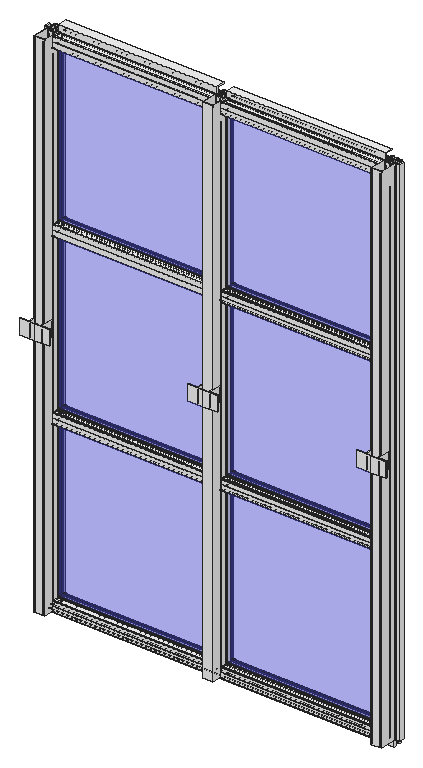
Revit family "Facade_60_Curtain_Wall_I23_Custom", category Windows, host Wall, Revit 2014 (continued)
Definition of nested family "F60_Single_Glazing_I23_Cust"
  Parameters (values of type "F60_Single_Glazing")
    Glazing Width [instance] = 900 mm
    Glazing Height [instance] = 900 mm
    SG Thickness [instance] = 4 mm
    Glazing Finish [instance] = Glass
  Reference planes
    plane 1 "Center (Front/Back)": y = 0
    plane 2: z = 0
    plane 3 "Center (Left/Right)": x = 0
  Forms (mm)
    Extrusion 1, solid, material "Glass" <- "Glazing Finish"
      sketch origin (0, 0, 0) x (1, 0, 0) y (0, 0, 1)
        loop
          line (0, 0) -> (0, 900) -> (-900, 900) -> (-900, 0) -> (0, 0)
      from 0 to 4 <- "SG Thickness"
  Dimensions and locks
    "Glazing Width": plane 3 "Center (Left/Right)" to Extrusion 1 sketch curve
    "Glazing Height": Extrusion 1 sketch curve to level
    aligned and locked: level to plane 2
    aligned and locked: Extrusion 1 sketch curve to plane 3 "Center (Left/Right)"
    aligned and locked: level to Extrusion 1 sketch curve
Definition of nested family "F60_Double_Glazing_I23_Cust"
  Parameters (values of type "F60_Double_Glazing")
    Glazing Width [instance] = 600 mm
    Glazing Height [instance] = 600 mm
    Glazing Thickness DG [instance] = 4 mm
    Glazing Material [instance] = Glass
    Double Glazing Gasket Thickness [instance] = 12 mm
    Double Glazing Gasket Material [instance] = none
  Reference planes
    plane 1 "Center (Front/Back)": y = 0
    plane 2: z = 0
    plane 3 "Center (Left/Right)": x = 0
  Forms (mm)
    Extrusion 1, solid, material "Glass" <- "Glazing Material"
      sketch origin (0, 0, 0) x (1, 0, 0) y (0, 0, 1)
        loop
          line (0, 0) -> (0, 600) -> (-600, 600) -> (-600, 0) -> (0, 0)
      from 0 to 4 <- "Glazing Thickness DG"
    Extrusion 2, solid, material <- "Double Glazing Gasket Material"
      sketch origin (0, -4, 0) x (1, 0, 0) y (0, 0, 1)
        loop
          line (-600, 600) -> (-600, 0) -> (0, 0) -> (0, 600) -> (-600, 600)
        loop
          line (-592, 8) -> (-8, 8) -> (-8, 592) -> (-592, 592) -> (-592, 8)
      from 0 to 12 <- "Double Glazing Gasket Thickness"
    Extrusion 3, solid, material "Glass" <- "Glazing Material"
      sketch origin (0, -16, 0) x (1, 0, 0) y (0, 0, 1)
        loop
          line (-600, 600) -> (-600, 0) -> (0, 0) -> (0, 600) -> (-600, 600)
      from 0 to 4 <- "Glazing Thickness DG"
  Dimensions and locks
    "Glazing Width": plane 3 "Center (Left/Right)" to Extrusion 1 sketch curve
    "Glazing Height": Extrusion 1 sketch curve to level
    aligned and locked: level to plane 2
    aligned and locked: Extrusion 1 sketch curve to plane 3 "Center (Left/Right)"
    aligned and locked: level to Extrusion 1 sketch curve
    aligned and locked: Extrusion 2 sketch curve to Extrusion 1  (x4)
    aligned and locked: Extrusion 3 sketch curve to Extrusion 2  (x4)
  Automatic sketch dimensions
    Extrusion 2 sketch curve to Extrusion 1 = 8 mm  (x4)
Definition of nested family "F60 Vertical Profile Middle_I23_Cust"
  Parameters (values of type "F60 Vertical Profile Middle")
    Quarter SG Expansion Break [instance] = if(and(Quarter Expansion Break, Single Glazing), 1 = 1, 1 = 0)  # yes
    Quarter Length [instance] = Length / 4  # 62.5 mm
    Thermal Break Material [instance] = none
    Single Glazing [instance] = yes
    Quarter Expansion Break [instance] = yes
    Quarter DG Expansion Break [instance] = if(and(Quarter Expansion Break, Double Glazing), 1 = 1, 1 = 0)  # yes
    Quarter 190mm Expansion Break [instance] = if(and(Quarter Expansion Break, [190mm Mullion]), 1 = 1, 1 = 0)  # yes
    Quarter 160mm Expansion Break [instance] = if(and(Quarter Expansion Break, [160mm Mullion]), 1 = 1, 1 = 0)  # yes
    Quarter 100mm Expansion Break [instance] = if(and(Quarter Expansion Break, [100mm Mullion]), 1 = 1, 1 = 0)  # yes
    Profile Material [instance] = none
    Length [instance] = 250 mm
    Half SG Expansion Break [instance] = if(and(Half Expansion Break, Single Glazing), 1 = 1, 1 = 0)  # yes
    Half Length [instance] = Length / 2  # 125 mm
    Half Expansion Break [instance] = yes
    Half DG Expansion Break [instance] = if(and(Half Expansion Break, Double Glazing), 1 = 1, 1 = 0)  # yes
    Half 190mm Expansion Joint [instance] = if(and(Half Expansion Break, [190mm Mullion]), 1 = 1, 1 = 0)  # yes
    Half 160mm Expansion Break [instance] = if(and(Half Expansion Break, [160mm Mullion]), 1 = 1, 1 = 0)  # yes
    Half 100mm Expansion Break [instance] = if(and(Half Expansion Break, [100mm Mullion]), 1 = 1, 1 = 0)  # yes
    Double Glazing [instance] = yes
    190mm Mullion [instance] = yes
    160mm Mullion [instance] = yes
    100mm Mullion [instance] = yes
  Reference planes
    plane 1 "Center (Front/Back)": y = 0
    plane 2: z = 0
    plane 3 "Center (Left/Right)": x = 0
  Forms (mm)
    Extrusion 1, solid, material <- "Profile Material"
      sketch origin (0, 0, 0) x (1, 0, 0) y (0, 1, 0)
        loop
          arc (25.249, -8.7) -> (25.484, -9.266) -> (26.049, -9.5) r 0.8
          line (26.049, -9.5) -> (27.1, -9.5) -> (27.1, 7) -> (32.902, 7) -> (32.902, -9.5) -> (33.951, -9.5)
          arc (33.951, -9.5) -> (34.516, -9.266) -> (34.751, -8.7) r 0.8
          line (34.751, -8.7) -> (34.751, 6.2)
          arc (34.751, 6.2) -> (34.985, 6.766) -> (35.551, 7) r 0.8
          line (35.551, 7) -> (52.1, 7) -> (52.1, 5.4) -> (50.55, 5.4) -> (50.55, 4.55)
          arc (50.55, 4.55) -> (50.726, 4.126) -> (51.15, 3.95) r 0.6
          line (51.15, 3.95) -> (52.1, 3.95) -> (52.1, 1)
          arc (52.1, 1) -> (51.6, 0.5) -> (52.1, 0) r 0.5
          line (52.1, 0) -> (54.45, 0) -> (54.45, 1.15) -> (53.3, 1.15) -> (53.3, 2.45) -> (58.8, 2.45) -> (58.8, 1.15) -> (57.65, 1.15) -> (57.65, 0) -> (59.5, 0)
          arc (59.5, 0) -> (59.854, 0.146) -> (60, 0.5) r 0.5
          line (60, 0.5) -> (60, 3.9) -> (53.55, 3.9) -> (53.55, 7.6)
          arc (53.55, 7.6) -> (53.316, 8.166) -> (52.75, 8.4) r 0.8
          line (52.75, 8.4) -> (30, 8.4) -> (7.25, 8.4)
          arc (7.25, 8.4) -> (6.684, 8.166) -> (6.45, 7.6) r 0.8
          line (6.45, 7.6) -> (6.45, 3.9) -> (0, 3.9) -> (0, 0.5)
          arc (0, 0.5) -> (0.146, 0.146) -> (0.5, 0) r 0.5
          line (0.5, 0) -> (2.35, 0) -> (2.35, 1.15) -> (1.2, 1.15) -> (1.2, 2.45) -> (6.7, 2.45) -> (6.7, 1.15) -> (5.55, 1.15) -> (5.55, 0) -> (7.9, 0)
          arc (7.9, 0) -> (8.4, 0.5) -> (7.9, 1) r 0.5
          line (7.9, 1) -> (7.9, 3.95) -> (8.85, 3.95)
          arc (8.85, 3.95) -> (9.274, 4.126) -> (9.45, 4.55) r 0.6
          line (9.45, 4.55) -> (9.45, 5.4) -> (7.9, 5.4) -> (7.9, 7) -> (24.449, 7)
          arc (24.449, 7) -> (25.015, 6.766) -> (25.249, 6.2) r 0.8
          line (25.249, 6.2) -> (25.249, -8.7)
      from 0 to 250 <- "Length"
    Extrusion 2, solid, material <- "Thermal Break Material"
      sketch origin (0, 0, 0) x (1, 0, 0) y (0, 1, 0)
        loop
          line (1.75, 9.8) -> (1.75, 5.2) -> (0, 5.2) -> (0, 3.9) -> (6.35, 3.9) -> (6.35, 7.856)
          arc (6.35, 7.856) -> (6.526, 8.281) -> (6.95, 8.456) r 0.6
          line (6.95, 8.456) -> (30, 8.456) -> (53.05, 8.456)
          arc (53.05, 8.456) -> (53.474, 8.281) -> (53.65, 7.856) r 0.6
          line (53.65, 7.856) -> (53.65, 3.9) -> (60, 3.9) -> (60, 5.2) -> (58.25, 5.2) -> (58.25, 9.8) -> (30, 9.8) -> (1.75, 9.8)
      from 0 to 250 <- "Length"
    Extrusion 3, solid, material <- "Thermal Break Material", visible <- "Single Glazing"
      sketch origin (0, 0, 0) x (1, 0, 0) y (0, 1, 0)
        loop
          line (25.749, -14.011) -> (27.672, -14.011) -> (28.481, -12.611) -> (31.518, -12.611) -> (32.327, -14.011) -> (34.249, -14.011)
          arc (34.249, -14.011) -> (34.603, -13.864) -> (34.749, -13.511) r 0.5
          line (34.749, -13.511) -> (34.749, -10.011)
          arc (34.749, -10.011) -> (34.603, -9.657) -> (34.249, -9.511) r 0.5
          line (34.249, -9.511) -> (32.352, -9.511) -> (32.352, 0.19) -> (31.349, 2.261)
          arc (31.349, 2.261) -> (29.999, 2.986) -> (28.649, 2.261) r 1.62
          line (28.649, 2.261) -> (27.647, 0.19) -> (27.647, -9.511) -> (25.749, -9.511)
          arc (25.749, -9.511) -> (25.396, -9.657) -> (25.249, -10.011) r 0.5
          line (25.249, -10.011) -> (25.249, -13.511)
          arc (25.249, -13.511) -> (25.396, -13.864) -> (25.749, -14.011) r 0.5
        loop
          line (28.504, -10.005) -> (28.504, -10.861)
          arc (28.504, -10.861) -> (28.651, -11.214) -> (29.004, -11.361) r 0.5
          line (29.004, -11.361) -> (30.994, -11.361)
          arc (30.994, -11.361) -> (31.348, -11.214) -> (31.494, -10.861) r 0.5
          line (31.494, -10.861) -> (31.494, -10.005) -> (30.708, -9.219)
          arc (30.708, -9.219) -> (30.383, -9.001) -> (29.999, -8.924) r 1.007
          arc (29.999, -8.924) -> (29.616, -8.999) -> (29.292, -9.217) r 0.986
          line (29.292, -9.217) -> (28.504, -10.005)
        loop
          arc (30.896, 1.935) -> (29.887, 2.44) -> (29.005, 1.735) r 1.047
          line (29.005, 1.735) -> (28.347, 0.374) -> (28.347, -6.993)
          arc (28.347, -6.993) -> (28.583, -7.417) -> (29.068, -7.441) r 0.5
          arc (29.068, -7.441) -> (29.999, -7.223) -> (30.93, -7.441) r 2.099
          arc (30.93, -7.441) -> (31.416, -7.417) -> (31.652, -6.993) r 0.5
          line (31.652, -6.993) -> (31.652, 0.374) -> (30.896, 1.935)
      from 0 to 250 <- "Length"
    Extrusion 4, solid, material <- "Profile Material", visible <- "Single Glazing"
      sketch origin (0, 0, 0) x (1, 0, 0) y (0, 1, 0)
        loop
          line (52.693, -14.011) -> (32.327, -14.011) -> (31.519, -12.611) -> (28.481, -12.611) -> (27.673, -14.011) -> (7.307, -14.011) -> (7.307, -15.011) -> (8.457, -15.011) -> (8.457, -16.261) -> (2.957, -16.261) -> (2.957, -15.011) -> (4.107, -15.011) -> (4.107, -14.011) -> (1.707, -14.011)
          arc (1.707, -14.011) -> (1.199, -14.293) -> (1.168, -14.873) r 0.6
          line (1.168, -14.873) -> (2.093, -16.772) -> (1.015, -17.298) -> (1.484, -18.261) -> (11.488, -18.261)
          arc (11.488, -18.261) -> (11.913, -18.085) -> (12.088, -17.661) r 0.6
          line (12.088, -17.661) -> (12.088, -16.811) -> (47.912, -16.811) -> (47.912, -17.661)
          arc (47.912, -17.661) -> (48.088, -18.085) -> (48.512, -18.261) r 0.6
          line (48.512, -18.261) -> (58.518, -18.261) -> (58.987, -17.298) -> (57.908, -16.772) -> (58.834, -14.874)
          arc (58.834, -14.874) -> (58.802, -14.293) -> (58.293, -14.011) r 0.6
          line (58.293, -14.011) -> (55.893, -14.011) -> (55.893, -15.011) -> (57.043, -15.011) -> (57.043, -16.261) -> (51.543, -16.261) -> (51.543, -15.011) -> (52.693, -15.011) -> (52.693, -14.011)
      from 0 to 250 <- "Length"
    Extrusion 5, solid, material <- "Profile Material", visible <- "Single Glazing"
      sketch origin (0, 0, 0) x (1, 0, 0) y (0, 1, 0)
        loop
          line (2.801, -18.261) -> (1.484, -18.261) -> (1.015, -17.298) -> (2.093, -16.772) -> (0.779, -14.076)
          arc (0.779, -14.076) -> (0.239, -14.21) -> (0.001, -14.713) r 0.65
          line (0.001, -14.713) -> (0.001, -28.068)
          arc (0.001, -28.068) -> (1.172, -30.897) -> (4.001, -32.068) r 4
          line (4.001, -32.068) -> (30.001, -32.068) -> (56.001, -32.068)
          arc (56.001, -32.068) -> (58.829, -30.897) -> (60.001, -28.068) r 4
          line (60.001, -28.068) -> (60.001, -14.713)
          arc (60.001, -14.713) -> (59.763, -14.21) -> (59.223, -14.076) r 0.65
          line (59.223, -14.076) -> (57.908, -16.772) -> (58.987, -17.298) -> (58.518, -18.261) -> (57.201, -18.261)
          arc (57.201, -18.261) -> (56.83, -18.425) -> (56.703, -18.811) r 0.5
          arc (56.703, -18.811) -> (56.83, -19.196) -> (57.201, -19.361) r 0.5
          line (57.201, -19.361) -> (58.951, -19.361) -> (58.951, -27.968)
          arc (58.951, -27.968) -> (58.131, -29.948) -> (56.151, -30.768) r 2.8
          line (56.151, -30.768) -> (30.001, -30.768) -> (3.851, -30.768)
          arc (3.851, -30.768) -> (1.871, -29.948) -> (1.051, -27.968) r 2.8
          line (1.051, -27.968) -> (1.051, -19.361) -> (2.801, -19.361)
          arc (2.801, -19.361) -> (3.172, -19.196) -> (3.298, -18.811) r 0.5
          arc (3.298, -18.811) -> (3.172, -18.425) -> (2.801, -18.261) r 0.5
      from 0 to 250 <- "Length"
    Extrusion 6, solid, material <- "Profile Material", visible <- "100mm Mullion"
      sketch origin (0, 0, 0) x (1, 0, 0) y (0, 1, 0)
        loop
          line (14.02, 13) -> (45.98, 13)
          arc (45.98, 13) -> (46.539, 12.842) -> (46.917, 12.4) r 1
          arc (46.917, 12.4) -> (47.285, 11.963) -> (47.833, 11.8) r 1
          line (47.833, 11.8) -> (58.15, 11.8) -> (58.15, 96.3) -> (47.833, 96.3)
          arc (47.833, 96.3) -> (47.285, 96.137) -> (46.917, 95.7) r 1
          arc (46.917, 95.7) -> (46.548, 95.263) -> (46, 95.1) r 1
          line (46, 95.1) -> (14, 95.1)
          arc (14, 95.1) -> (13.452, 95.263) -> (13.083, 95.7) r 1
          arc (13.083, 95.7) -> (12.715, 96.137) -> (12.167, 96.3) r 1
          line (12.167, 96.3) -> (1.85, 96.3) -> (1.85, 11.8) -> (12.167, 11.8)
          arc (12.167, 11.8) -> (12.715, 11.963) -> (13.083, 12.4) r 1
          arc (13.083, 12.4) -> (13.461, 12.842) -> (14.02, 13) r 1
        loop
          line (1.65, 9.856) -> (58.35, 9.856) -> (58.35, 5.2) -> (60, 5.2) -> (60, 98.8)
          arc (60, 98.8) -> (59.707, 99.507) -> (59, 99.8) r 1
          line (59, 99.8) -> (1, 99.8)
          arc (1, 99.8) -> (0.293, 99.507) -> (0, 98.8) r 1
          line (0, 98.8) -> (0, 5.2) -> (1.65, 5.2) -> (1.65, 9.856)
      from 0 to 250 <- "Length"
    Extrusion 7, solid, material <- "Profile Material", visible <- "160mm Mullion"
      sketch origin (0, 0, 0) x (1, 0, 0) y (0, 1, 0)
        loop
          arc (2.35, 15.6) -> (2.526, 15.176) -> (2.95, 15) r 0.6
          line (2.95, 15) -> (57.05, 15)
          arc (57.05, 15) -> (57.474, 15.176) -> (57.65, 15.6) r 0.6
          line (57.65, 15.6) -> (57.65, 153.7)
          arc (57.65, 153.7) -> (57.474, 154.124) -> (57.05, 154.3) r 0.6
          line (57.05, 154.3) -> (47.833, 154.3)
          arc (47.833, 154.3) -> (47.285, 154.137) -> (46.917, 153.7) r 1
          arc (46.917, 153.7) -> (46.548, 153.263) -> (46, 153.1) r 1
          line (46, 153.1) -> (14, 153.1)
          arc (14, 153.1) -> (13.452, 153.263) -> (13.083, 153.7) r 1
          arc (13.083, 153.7) -> (12.715, 154.137) -> (12.167, 154.3) r 1
          line (12.167, 154.3) -> (2.95, 154.3)
          arc (2.95, 154.3) -> (2.526, 154.124) -> (2.35, 153.7) r 0.6
          line (2.35, 153.7) -> (2.35, 15.6)
        loop
          arc (1, 159.8) -> (0.293, 159.507) -> (0, 158.8) r 1
          line (0, 158.8) -> (0, 5.2) -> (1.65, 5.2) -> (1.65, 10.013) -> (58.35, 10.013) -> (58.35, 5.2) -> (60, 5.2) -> (60, 158.8)
          arc (60, 158.8) -> (59.707, 159.507) -> (59, 159.8) r 1
          line (59, 159.8) -> (1, 159.8)
      from 0 to 250 <- "Length"
    Extrusion 8, solid, material <- "Profile Material", visible <- "190mm Mullion"
      sketch origin (0, 0, 0) x (1, 0, 0) y (0, 1, 0)
        loop
          line (57.25, 15.1) -> (57.25, 178.3)
          arc (57.25, 178.3) -> (56.957, 179.007) -> (56.25, 179.3) r 1
          line (56.25, 179.3) -> (3.75, 179.3)
          arc (3.75, 179.3) -> (3.043, 179.007) -> (2.75, 178.3) r 1
          line (2.75, 178.3) -> (2.75, 15.1)
          arc (2.75, 15.1) -> (2.984, 14.534) -> (3.55, 14.3) r 0.8
          line (3.55, 14.3) -> (56.45, 14.3)
          arc (56.45, 14.3) -> (57.016, 14.534) -> (57.25, 15.1) r 0.8
        loop
          line (60, 5.2) -> (60, 188.8)
          arc (60, 188.8) -> (59.707, 189.507) -> (59, 189.8) r 1
          line (59, 189.8) -> (1, 189.8)
          arc (1, 189.8) -> (0.293, 189.507) -> (0, 188.8) r 1
          line (0, 188.8) -> (0, 5.2) -> (1.65, 5.2) -> (1.65, 9.856) -> (58.35, 9.856) -> (58.35, 5.2) -> (60, 5.2)
      from 0 to 250 <- "Length"
    Extrusion 9, solid, material <- "Thermal Break Material", visible <- "Double Glazing"
      sketch origin (0, 0, 0) x (1, 0, 0) y (0, 1, 0)
        loop
          line (27.672, -28) -> (28.48, -26.6) -> (31.518, -26.6) -> (32.326, -28) -> (34.249, -28)
          arc (34.249, -28) -> (34.603, -27.854) -> (34.749, -27.5) r 0.5
          line (34.749, -27.5) -> (34.749, -10)
          arc (34.749, -10) -> (34.603, -9.646) -> (34.249, -9.5) r 0.5
          line (34.249, -9.5) -> (32.352, -9.5) -> (32.352, 0.198) -> (31.348, 2.272)
          arc (31.348, 2.272) -> (29.998, 2.997) -> (28.648, 2.272) r 1.62
          line (28.648, 2.272) -> (27.645, 0.201) -> (27.645, -9.5) -> (25.749, -9.5)
          arc (25.749, -9.5) -> (25.396, -9.646) -> (25.249, -10) r 0.5
          line (25.249, -10) -> (25.249, -27.5)
          arc (25.249, -27.5) -> (25.396, -27.854) -> (25.749, -28) r 0.5
          line (25.749, -28) -> (27.672, -28)
        loop
          arc (30.706, -9.206) -> (30.382, -8.99) -> (29.999, -8.913) r 1.007
          arc (29.999, -8.913) -> (29.616, -8.988) -> (29.292, -9.206) r 0.986
          line (29.292, -9.206) -> (27.142, -11.356)
          arc (27.142, -11.356) -> (26.926, -11.68) -> (26.849, -12.063) r 1
          line (26.849, -12.063) -> (26.849, -24)
          arc (26.849, -24) -> (27.142, -24.707) -> (27.849, -25) r 1
          line (27.849, -25) -> (32.149, -25)
          arc (32.149, -25) -> (32.856, -24.707) -> (33.149, -24) r 1
          line (33.149, -24) -> (33.149, -12.063)
          arc (33.149, -12.063) -> (33.073, -11.68) -> (32.856, -11.356) r 1
          line (32.856, -11.356) -> (30.706, -9.206)
        loop
          arc (28.345, -6.982) -> (28.581, -7.407) -> (29.067, -7.43) r 0.5
          arc (29.067, -7.43) -> (29.998, -7.213) -> (30.929, -7.43) r 2.099
          arc (30.929, -7.43) -> (31.414, -7.407) -> (31.651, -6.982) r 0.5
          line (31.651, -6.982) -> (31.651, 0.385) -> (30.895, 1.946)
          arc (30.895, 1.946) -> (29.885, 2.45) -> (29.004, 1.745) r 1.047
          line (29.004, 1.745) -> (28.345, 0.385) -> (28.345, -6.982)
      from 0 to 250 <- "Length"
    Extrusion 10, solid, material <- "Profile Material", visible <- "Double Glazing"
      sketch origin (0, 0, 0) x (1, 0, 0) y (0, 1, 0)
        loop
          line (52.692, -28) -> (32.327, -28) -> (31.518, -26.6) -> (28.48, -26.6) -> (27.672, -28) -> (7.306, -28) -> (7.306, -29) -> (8.456, -29) -> (8.456, -30.25) -> (2.956, -30.25) -> (2.956, -29) -> (4.106, -29) -> (4.106, -28) -> (1.706, -28)
          arc (1.706, -28) -> (1.198, -28.282) -> (1.167, -28.863) r 0.6
          line (1.167, -28.863) -> (2.093, -30.762) -> (1.014, -31.288) -> (1.483, -32.25) -> (11.488, -32.25)
          arc (11.488, -32.25) -> (11.912, -32.074) -> (12.088, -31.65) r 0.6
          line (12.088, -31.65) -> (12.088, -30.8) -> (47.911, -30.8) -> (47.911, -31.65)
          arc (47.911, -31.65) -> (48.087, -32.074) -> (48.511, -32.25) r 0.6
          line (48.511, -32.25) -> (58.517, -32.25) -> (58.986, -31.288) -> (57.907, -30.762) -> (58.833, -28.864)
          arc (58.833, -28.864) -> (58.801, -28.282) -> (58.292, -28) r 0.6
          line (58.292, -28) -> (55.892, -28) -> (55.892, -29) -> (57.042, -29) -> (57.042, -30.25) -> (51.542, -30.25) -> (51.542, -29) -> (52.692, -29) -> (52.692, -28)
      from 0 to 250 <- "Length"
    Extrusion 11, solid, material <- "Profile Material", visible <- "Double Glazing"
      sketch origin (0, 0, 0) x (1, 0, 0) y (0, 1, 0)
        loop
          line (2.8, -32.25) -> (1.483, -32.25) -> (1.014, -31.288) -> (2.093, -30.762) -> (0.778, -28.065)
          arc (0.778, -28.065) -> (0.238, -28.2) -> (0, -28.702) r 0.65
          line (0, -28.702) -> (0, -42.058)
          arc (0, -42.058) -> (1.172, -44.886) -> (4, -46.058) r 4
          line (4, -46.058) -> (30, -46.058) -> (56, -46.058)
          arc (56, -46.058) -> (58.828, -44.886) -> (60, -42.058) r 4
          line (60, -42.058) -> (60, -28.702)
          arc (60, -28.702) -> (59.762, -28.2) -> (59.222, -28.065) r 0.65
          line (59.222, -28.065) -> (57.907, -30.762) -> (58.986, -31.288) -> (58.517, -32.25) -> (57.2, -32.25)
          arc (57.2, -32.25) -> (56.829, -32.415) -> (56.703, -32.8) r 0.5
          arc (56.703, -32.8) -> (56.829, -33.185) -> (57.2, -33.35) r 0.5
          line (57.2, -33.35) -> (58.95, -33.35) -> (58.95, -41.958)
          arc (58.95, -41.958) -> (58.13, -43.938) -> (56.15, -44.758) r 2.8
          line (56.15, -44.758) -> (30, -44.758) -> (3.85, -44.758)
          arc (3.85, -44.758) -> (1.87, -43.938) -> (1.05, -41.958) r 2.8
          line (1.05, -41.958) -> (1.05, -33.35) -> (2.8, -33.35)
          arc (2.8, -33.35) -> (3.171, -33.185) -> (3.297, -32.8) r 0.5
          arc (3.297, -32.8) -> (3.171, -32.415) -> (2.8, -32.25) r 0.5
      from 0 to 250 <- "Length"
    Extrusion 12, solid, material <- "Profile Material", visible <- "Double Glazing"
      sketch origin (0, 0, 0) x (1, 0, 0) y (0, 1, 0)
        loop
          line (12, -7.775) -> (0, -7.775) -> (0, -25.775) -> (12, -25.775) -> (12, -7.775)
        loop
          line (10.8, -8.975) -> (1.2, -8.975) -> (1.2, -24.575) -> (10.8, -24.575) -> (10.8, -8.975)
      from 0 to 250 <- "Length"
  Lines and regions (mm)
    model lines, style "GenericModelHiddenLines", visible <- "Half 100mm Expansion Break"
      curve 1: line (60, 5.2, 125) -> (60, 95.2, 125)
      curve 2: line (60, 99.8, 125) -> (0, 99.8, 125)
      curve 8: line (0, 5.2, 125) -> (0, 95.2, 125)
    model lines, style "GenericModelHiddenLines", visible <- "Quarter 100mm Expansion Break"
      curve 3: line (60, 5.2, 187.5) -> (60, 95.2, 187.5)
      curve 4: line (60, 5.2, 62.5) -> (60, 95.2, 62.5)
      curve 5: line (60, 99.8, 62.5) -> (0, 99.8, 62.5)
      curve 6: line (60, 99.8, 187.5) -> (0, 99.8, 187.5)
      curve 7: line (0, 5.2, 187.5) -> (0, 95.2, 187.5)
      curve 9: line (0, 5.2, 62.5) -> (0, 95.2, 62.5)
    model lines, style "GenericModelHiddenLines", visible <- "Half SG Expansion Break"
      curve 10: line (4.107, -32.068, 125) -> (55.893, -32.068, 125)
      curve 14: line (60.001, -14.011, 125) -> (60.001, -32.068, 125)
    model lines, style "GenericModelHiddenLines", visible <- "Quarter SG Expansion Break"
      curve 11: line (4.107, -32.068, 187.5) -> (56.703, -32.068, 187.5)
      curve 12: line (4.107, -32.068, 62.5) -> (56.703, -32.068, 62.5)
      curve 13: line (60.001, -14.011, 187.5) -> (60.001, -32.068, 187.5)
      curve 15: line (60.001, -14.011, 62.5) -> (60.001, -32.068, 62.5)
    model lines, style "GenericModelHiddenLines", visible <- "Quarter 160mm Expansion Break"
      curve 16: line (0, 5.2, 187.5) -> (0, 155.2, 187.5)
      curve 18: line (0, 5.2, 62.5) -> (0, 155.2, 62.5)
      curve 19: line (0, 159.8, 187.5) -> (60, 159.8, 187.5)
      curve 21: line (0, 159.8, 62.5) -> (60, 159.8, 62.5)
      curve 22: line (60, 5.2, 187.5) -> (60, 155.2, 187.5)
      curve 24: line (60, 5.2, 62.5) -> (60, 155.2, 62.5)
    model lines, style "GenericModelHiddenLines", visible <- "Half 160mm Expansion Break"
      curve 17: line (0, 5.2, 125) -> (0, 155.2, 125)
      curve 20: line (0, 159.8, 125) -> (60, 159.8, 125)
      curve 23: line (60, 5.2, 125) -> (60, 155.2, 125)
    model lines, style "GenericModelHiddenLines", visible <- "Quarter 190mm Expansion Break"
      curve 25: line (0, 5.2, 187.5) -> (0, 185.2, 187.5)
      curve 27: line (0, 5.2, 62.5) -> (0, 185.2, 62.5)
      curve 28: line (0.779, 189.8, 187.5) -> (59.222, 189.8, 187.5)
      curve 30: line (0.779, 189.8, 62.5) -> (59.222, 189.8, 62.5)
      curve 31: line (60, 5.2, 187.5) -> (60, 185.2, 187.5)
      curve 33: line (60, 5.2, 62.5) -> (60, 185.2, 62.5)
    model lines, style "GenericModelHiddenLines", visible <- "Half 190mm Expansion Joint"
      curve 26: line (0, 5.2, 125) -> (0, 185.2, 125)
      curve 29: line (0.779, 189.8, 125) -> (59.222, 189.8, 125)
      curve 32: line (60, 5.2, 125) -> (60, 185.2, 125)
    model lines, style "GenericModelHiddenLines", visible <- "Quarter DG Expansion Break"
      curve 34: line (60, -28.065, 187.5) -> (60, -46.074, 187.5)
      curve 36: line (60, -28.065, 62.5) -> (60, -46.027, 62.5)
      curve 37: line (59.222, -46.058, 187.5) -> (0.779, -46.058, 187.5)
      curve 39: line (59.222, -46.058, 62.5) -> (0.779, -46.058, 62.5)
    model lines, style "GenericModelHiddenLines", visible <- "Half DG Expansion Break"
      curve 35: line (60, -28.065, 125) -> (60, -46.074, 125)
      curve 38: line (59.222, -46.058, 125) -> (0.779, -46.058, 125)
  Dimensions and locks
    "Half Length": curve 1 to level
    "Half Length": level to curve 2
    "Quarter Length": curve 4 to level
    "Quarter Length": Extrusion 8 to curve 3
    "Quarter Length": level to curve 5
    "Quarter Length": curve 6 to Extrusion 6
    "Quarter Length": curve 9 to level
    "Half Length": curve 8 to level
    "Quarter Length": Extrusion 8 to curve 7
    "Quarter Length": curve 12 to level
    "Half Length": curve 10 to level
    "Quarter Length": Extrusion 5 to curve 11
    "Quarter Length": curve 15 to level
    "Half Length": curve 14 to level
    "Quarter Length": Extrusion 5 to curve 13
    "Quarter Length": Extrusion 7 to curve 18
    "Half Length": Extrusion 7 to curve 17
    "Quarter Length": Extrusion 7 to curve 16
    "Quarter Length": Extrusion 7 to curve 21
    "Quarter Length": curve 19 to Extrusion 7
    "Half Length": Extrusion 7 to curve 20
    "Quarter Length": Extrusion 7 to curve 24
    "Quarter Length": Extrusion 7 to curve 22
    "Half Length": Extrusion 7 to curve 23
    "Quarter Length": Extrusion 8 to curve 27
    "Quarter Length": Extrusion 8 to curve 25
    "Half Length": Extrusion 8 to curve 26
    "Quarter Length": Extrusion 8 to curve 30
    "Quarter Length": curve 28 to Extrusion 8
    "Half Length": Extrusion 8 to curve 29
    "Quarter Length": Extrusion 8 to curve 33
    "Quarter Length": Extrusion 8 to curve 31
    "Half Length": Extrusion 8 to curve 32
    "Quarter Length": Extrusion 11 to curve 36
    "Quarter Length": Extrusion 11 to curve 34
    "Half Length": Extrusion 11 to curve 35
    "Quarter Length": Extrusion 11 to curve 37
    "Quarter Length": curve 39 to Extrusion 11
    "Half Length": curve 38 to Extrusion 11
    aligned and locked: level to plane 2
  Automatic sketch dimensions
    Extrusion 1 sketch curve to plane 3 "Center (Left/Right)" = 0 mm
    plane 1 "Center (Front/Back)" to Extrusion 1 sketch curve = 0 mm  (x4)
    plane 3 "Center (Left/Right)" to Extrusion 1 sketch curve = 0.5 mm
    Extrusion 1 sketch curve to Extrusion 1 sketch curve = 0.7 mm  (x2)
    Extrusion 1 sketch curve to Extrusion 1 sketch curve = 1.15 mm  (x4)
    Extrusion 1 sketch curve to Extrusion 1 sketch curve = 3.2 mm  (x2)
    Extrusion 1 sketch curve to Extrusion 1 sketch curve = 0.9 mm
    Extrusion 1 sketch curve to Extrusion 1 sketch curve = 0.25 mm
    Extrusion 1 sketch curve to Extrusion 1 sketch curve = 0.8 mm  (x7)
    Extrusion 1 sketch curve to Extrusion 1 sketch curve = 1.45 mm  (x2)
    Extrusion 1 sketch curve to Extrusion 1 sketch curve = 0.65 mm  (x3)
    Extrusion 1 sketch curve to Extrusion 1 sketch curve = 0.95 mm  (x3)
    Extrusion 1 sketch curve to Extrusion 1 sketch curve = 0.6 mm  (x3)
    Extrusion 1 sketch curve to plane 1 "Center (Front/Back)" = 7 mm
    Extrusion 1 sketch curve to Extrusion 1 sketch curve = 14.999 mm  (x2)
    plane 1 "Center (Front/Back)" to Extrusion 1 sketch curve = 8.7 mm
    Extrusion 1 sketch curve to Extrusion 1 sketch curve = 1.85 mm
    Extrusion 1 sketch curve to Extrusion 1 sketch curve = 2.9 mm
    Extrusion 1 sketch curve to Extrusion 1 sketch curve = 5.802 mm
    Extrusion 1 sketch curve to Extrusion 1 sketch curve = 1.049 mm
    Extrusion 1 sketch curve to plane 1 "Center (Front/Back)" = 4.55 mm
    Extrusion 1 sketch curve to plane 1 "Center (Front/Back)" = 0.5 mm  (x3)
    Extrusion 1 sketch curve to Extrusion 1 sketch curve = 1.2 mm
    Extrusion 1 sketch curve to plane 1 "Center (Front/Back)" = 1.15 mm  (x2)
    Extrusion 1 sketch curve to Extrusion 1 sketch curve = 0 mm
    Extrusion 1 sketch curve to Extrusion 1 sketch curve = 1.3 mm  (x2)
    Extrusion 1 sketch curve to Extrusion 1 sketch curve = 0.05 mm  (x2)
    Extrusion 1 sketch curve to Extrusion 1 sketch curve = 0.85 mm  (x2)
    Extrusion 1 sketch curve to plane 1 "Center (Front/Back)" = 6.2 mm
    Extrusion 2 sketch curve to plane 3 "Center (Left/Right)" = 0 mm
    plane 3 "Center (Left/Right)" to Extrusion 2 sketch curve = 1.75 mm
    Extrusion 2 sketch curve to Extrusion 2 sketch curve = 4.6 mm  (x4)
    Extrusion 2 sketch curve to Extrusion 2 sketch curve = 0.6 mm  (x2)
    Extrusion 2 sketch curve to plane 1 "Center (Front/Back)" = 9.8 mm
    Extrusion 2 sketch curve to Extrusion 2 sketch curve = 23.05 mm  (x2)
    Extrusion 2 sketch curve to Extrusion 2 sketch curve = 0 mm
    Extrusion 2 sketch curve to plane 1 "Center (Front/Back)" = 8.456 mm
    Extrusion 2 sketch curve to Extrusion 2 sketch curve = 1.75 mm
    Extrusion 2 sketch curve to plane 1 "Center (Front/Back)" = 3.9 mm  (x2)
    plane 3 "Center (Left/Right)" to Extrusion 3 sketch curve = 25.249 mm
    Extrusion 3 sketch curve to Extrusion 3 sketch curve = 0.5 mm  (x6)
    Extrusion 3 sketch curve to plane 1 "Center (Front/Back)" = 0.19 mm  (x2)
    Extrusion 3 sketch curve to Extrusion 3 sketch curve = 1.897 mm  (x2)
    Extrusion 3 sketch curve to Extrusion 3 sketch curve = 1.922 mm  (x2)
    Extrusion 3 sketch curve to plane 1 "Center (Front/Back)" = 0.374 mm  (x2)
    Extrusion 3 sketch curve to Extrusion 3 sketch curve = 0.7 mm  (x2)
    plane 1 "Center (Front/Back)" to Extrusion 3 sketch curve = 12.611 mm
    Extrusion 3 sketch curve to Extrusion 3 sketch curve = 0.809 mm
    Extrusion 3 sketch curve to Extrusion 3 sketch curve = 0.858 mm
    Extrusion 3 sketch curve to plane 1 "Center (Front/Back)" = 2.261 mm  (x2)
    Extrusion 3 sketch curve to Extrusion 3 sketch curve = 0.303 mm
    Extrusion 3 sketch curve to plane 1 "Center (Front/Back)" = 1.735 mm
    Extrusion 3 sketch curve to Extrusion 3 sketch curve = 0.356 mm
    plane 1 "Center (Front/Back)" to Extrusion 3 sketch curve = 9.217 mm
    Extrusion 3 sketch curve to Extrusion 3 sketch curve = 0.788 mm
    Extrusion 3 sketch curve to Extrusion 3 sketch curve = 0.701 mm
    Extrusion 3 sketch curve to Extrusion 3 sketch curve = 0.003 mm
    Extrusion 3 sketch curve to Extrusion 3 sketch curve = 0.992 mm
    Extrusion 3 sketch curve to Extrusion 3 sketch curve = 0.006 mm
    Extrusion 3 sketch curve to Extrusion 3 sketch curve = 0.002 mm
    plane 1 "Center (Front/Back)" to Extrusion 3 sketch curve = 9.219 mm
    Extrusion 3 sketch curve to Extrusion 3 sketch curve = 0.709 mm
    Extrusion 3 sketch curve to plane 1 "Center (Front/Back)" = 1.935 mm
    Extrusion 3 sketch curve to Extrusion 3 sketch curve = 0.899 mm
    Extrusion 3 sketch curve to Extrusion 3 sketch curve = 0.998 mm
    Extrusion 3 sketch curve to Extrusion 3 sketch curve = 0.444 mm
    Extrusion 3 sketch curve to Extrusion 3 sketch curve = 0.524 mm
    Extrusion 3 sketch curve to Extrusion 3 sketch curve = 0.756 mm
    Extrusion 3 sketch curve to Extrusion 3 sketch curve = 0.808 mm
    Extrusion 3 sketch curve to Extrusion 3 sketch curve = 0.9 mm  (x2)
    Extrusion 3 sketch curve to Extrusion 3 sketch curve = 1.25 mm
    Extrusion 3 sketch curve to Extrusion 3 sketch curve = 0.85 mm  (x2)
    Extrusion 3 sketch curve to Extrusion 3 sketch curve = 0.856 mm  (x2)
    Extrusion 3 sketch curve to Extrusion 3 sketch curve = 0.714 mm
    Extrusion 3 sketch curve to Extrusion 3 sketch curve = 0.02 mm
    Extrusion 3 sketch curve to Extrusion 3 sketch curve = 0.399 mm
    Extrusion 3 sketch curve to Extrusion 3 sketch curve = 2.224 mm
    Extrusion 3 sketch curve to Extrusion 3 sketch curve = 0.448 mm
    Extrusion 3 sketch curve to Extrusion 3 sketch curve = 0.032 mm
    Extrusion 3 sketch curve to Extrusion 3 sketch curve = 0 mm
    plane 3 "Center (Left/Right)" to Extrusion 4 sketch curve = 1.015 mm
    Extrusion 4 sketch curve to Extrusion 4 sketch curve = 0.469 mm
    plane 3 "Center (Left/Right)" to Extrusion 4 sketch curve = 1.707 mm
    Extrusion 4 sketch curve to Extrusion 4 sketch curve = 1.079 mm
    Extrusion 4 sketch curve to Extrusion 4 sketch curve = 0.864 mm
    Extrusion 4 sketch curve to Extrusion 4 sketch curve = 1.15 mm  (x4)
    Extrusion 4 sketch curve to Extrusion 4 sketch curve = 3.2 mm  (x2)
    Extrusion 4 sketch curve to Extrusion 4 sketch curve = 3.031 mm  (x2)
    Extrusion 4 sketch curve to Extrusion 4 sketch curve = 0.6 mm  (x3)
    Extrusion 4 sketch curve to Extrusion 4 sketch curve = 15.584 mm  (x2)
    plane 1 "Center (Front/Back)" to Extrusion 4 sketch curve = 12.611 mm
    Extrusion 4 sketch curve to Extrusion 4 sketch curve = 0.808 mm  (x2)
    Extrusion 4 sketch curve to Extrusion 4 sketch curve = 3.038 mm
    plane 1 "Center (Front/Back)" to Extrusion 4 sketch curve = 14.011 mm
    plane 1 "Center (Front/Back)" to Extrusion 4 sketch curve = 16.772 mm
    Extrusion 4 sketch curve to Extrusion 4 sketch curve = 0.865 mm
    Extrusion 4 sketch curve to Extrusion 4 sketch curve = 1.25 mm  (x4)
    plane 1 "Center (Front/Back)" to Extrusion 4 sketch curve = 18.261 mm
    Extrusion 4 sketch curve to Extrusion 4 sketch curve = 0.61 mm
    plane 1 "Center (Front/Back)" to Extrusion 4 sketch curve = 17.298 mm
    Extrusion 4 sketch curve to Extrusion 4 sketch curve = 5.65 mm
    Extrusion 4 sketch curve to Extrusion 4 sketch curve = 0.962 mm
    Extrusion 4 sketch curve to Extrusion 4 sketch curve = 0.85 mm
    Extrusion 4 sketch curve to Extrusion 4 sketch curve = 0.512 mm  (x2)
    Extrusion 4 sketch curve to Extrusion 4 sketch curve = 1 mm  (x2)
    Extrusion 4 sketch curve to Extrusion 4 sketch curve = 0.4 mm  (x2)
    Extrusion 4 sketch curve to Extrusion 4 sketch curve = 1.4 mm
    Extrusion 4 sketch curve to Extrusion 4 sketch curve = 0.539 mm  (x2)
    Extrusion 4 sketch curve to Extrusion 4 sketch curve = 0 mm
    plane 1 "Center (Front/Back)" to Extrusion 4 sketch curve = 14.874 mm
    plane 3 "Center (Left/Right)" to Extrusion 5 sketch curve = 0.001 mm
    Extrusion 5 sketch curve to Extrusion 5 sketch curve = 0.65 mm  (x2)
    Extrusion 5 sketch curve to Extrusion 5 sketch curve = 0.128 mm  (x2)
    plane 3 "Center (Left/Right)" to Extrusion 5 sketch curve = 1.015 mm
    plane 3 "Center (Left/Right)" to Extrusion 5 sketch curve = 1.051 mm
    Extrusion 5 sketch curve to Extrusion 5 sketch curve = 0.469 mm  (x2)
    Extrusion 5 sketch curve to Extrusion 5 sketch curve = 1.079 mm
    Extrusion 5 sketch curve to Extrusion 5 sketch curve = 1.317 mm  (x2)
    Extrusion 5 sketch curve to Extrusion 5 sketch curve = 0 mm  (x3)
    plane 3 "Center (Left/Right)" to Extrusion 5 sketch curve = 3.851 mm
    Extrusion 5 sketch curve to Extrusion 5 sketch curve = 0.15 mm  (x2)
    Extrusion 5 sketch curve to Extrusion 5 sketch curve = 26 mm  (x2)
    Extrusion 5 sketch curve to Extrusion 5 sketch curve = 1.05 mm
    plane 1 "Center (Front/Back)" to Extrusion 5 sketch curve = 16.772 mm
    Extrusion 5 sketch curve to Extrusion 5 sketch curve = 0.707 mm
    Extrusion 5 sketch curve to Extrusion 5 sketch curve = 0.433 mm
    plane 1 "Center (Front/Back)" to Extrusion 5 sketch curve = 17.298 mm
    plane 1 "Center (Front/Back)" to Extrusion 5 sketch curve = 14.076 mm
    Extrusion 5 sketch curve to Extrusion 5 sketch curve = 0.5 mm  (x2)
    plane 1 "Center (Front/Back)" to Extrusion 5 sketch curve = 18.761 mm
    Extrusion 5 sketch curve to Extrusion 5 sketch curve = 0.1 mm  (x3)
    Extrusion 5 sketch curve to Extrusion 5 sketch curve = 1.1 mm  (x2)
    Extrusion 5 sketch curve to Extrusion 5 sketch curve = 8.608 mm
    Extrusion 5 sketch curve to Extrusion 5 sketch curve = 0.962 mm
    Extrusion 6 sketch curve to plane 3 "Center (Left/Right)" = 0 mm
    plane 3 "Center (Left/Right)" to Extrusion 6 sketch curve = 1 mm
    plane 3 "Center (Left/Right)" to Extrusion 6 sketch curve = 1.65 mm
    plane 3 "Center (Left/Right)" to Extrusion 6 sketch curve = 1.85 mm
    Extrusion 6 sketch curve to Extrusion 6 sketch curve = 10.317 mm  (x3)
    Extrusion 6 sketch curve to Extrusion 6 sketch curve = 1.833 mm  (x4)
    Extrusion 6 sketch curve to Extrusion 6 sketch curve = 0.02 mm  (x2)
    Extrusion 6 sketch curve to plane 1 "Center (Front/Back)" = 13 mm
    Extrusion 6 sketch curve to Extrusion 6 sketch curve = 31.961 mm
    Extrusion 6 sketch curve to Extrusion 6 sketch curve = 32 mm
    Extrusion 6 sketch curve to Extrusion 6 sketch curve = 0.2 mm  (x5)
    Extrusion 6 sketch curve to Extrusion 6 sketch curve = 0.85 mm
    Extrusion 6 sketch curve to Extrusion 6 sketch curve = 1.65 mm
    Extrusion 6 sketch curve to Extrusion 6 sketch curve = 1 mm  (x8)
    Extrusion 6 sketch curve to Extrusion 6 sketch curve = 1.944 mm
    Extrusion 6 sketch curve to Extrusion 6 sketch curve = 4.656 mm  (x2)
    Extrusion 6 sketch curve to Extrusion 6 sketch curve = 82.1 mm
    Extrusion 6 sketch curve to Extrusion 6 sketch curve = 2.5 mm
    Extrusion 7 sketch curve to plane 3 "Center (Left/Right)" = 0 mm
    Extrusion 7 sketch curve to Extrusion 7 sketch curve = 1 mm  (x3)
    plane 3 "Center (Left/Right)" to Extrusion 7 sketch curve = 1.65 mm
    plane 3 "Center (Left/Right)" to Extrusion 7 sketch curve = 2.35 mm
    Extrusion 7 sketch curve to Extrusion 7 sketch curve = 0.6 mm  (x3)
    Extrusion 7 sketch curve to Extrusion 7 sketch curve = 9.217 mm  (x2)
    Extrusion 7 sketch curve to Extrusion 7 sketch curve = 1.833 mm  (x2)
    Extrusion 7 sketch curve to Extrusion 7 sketch curve = 32 mm
    Extrusion 7 sketch curve to plane 1 "Center (Front/Back)" = 15 mm
    Extrusion 7 sketch curve to Extrusion 7 sketch curve = 54.1 mm
    Extrusion 7 sketch curve to Extrusion 7 sketch curve = 1.3 mm
    Extrusion 7 sketch curve to Extrusion 7 sketch curve = 1.95 mm
    Extrusion 7 sketch curve to Extrusion 7 sketch curve = 1.65 mm
    Extrusion 7 sketch curve to Extrusion 7 sketch curve = 4.987 mm
    Extrusion 7 sketch curve to Extrusion 7 sketch curve = 4.813 mm
    Extrusion 7 sketch curve to Extrusion 7 sketch curve = 4.812 mm
    Extrusion 7 sketch curve to Extrusion 7 sketch curve = 137.5 mm
    Extrusion 7 sketch curve to Extrusion 7 sketch curve = 0.2 mm  (x2)
    Extrusion 7 sketch curve to Extrusion 7 sketch curve = 0.4 mm  (x2)
    Extrusion 7 sketch curve to Extrusion 7 sketch curve = 4.5 mm
    Extrusion 8 sketch curve to plane 3 "Center (Left/Right)" = 0 mm
    Extrusion 8 sketch curve to Extrusion 8 sketch curve = 1 mm  (x3)
    plane 3 "Center (Left/Right)" to Extrusion 8 sketch curve = 1.65 mm
    plane 3 "Center (Left/Right)" to Extrusion 8 sketch curve = 2.75 mm
    Extrusion 8 sketch curve to Extrusion 8 sketch curve = 0.8 mm  (x2)
    Extrusion 8 sketch curve to Extrusion 8 sketch curve = 52.5 mm
    Extrusion 8 sketch curve to plane 1 "Center (Front/Back)" = 15.1 mm
    Extrusion 8 sketch curve to Extrusion 8 sketch curve = 52.9 mm
    Extrusion 8 sketch curve to Extrusion 8 sketch curve = 1.9 mm
    Extrusion 8 sketch curve to Extrusion 8 sketch curve = 2.75 mm
    Extrusion 8 sketch curve to Extrusion 8 sketch curve = 4.444 mm
    Extrusion 8 sketch curve to Extrusion 8 sketch curve = 4.656 mm  (x2)
    Extrusion 8 sketch curve to Extrusion 8 sketch curve = 163.2 mm
    Extrusion 8 sketch curve to Extrusion 8 sketch curve = 9.5 mm
    plane 3 "Center (Left/Right)" to Extrusion 9 sketch curve = 25.249 mm
    Extrusion 9 sketch curve to Extrusion 9 sketch curve = 0.5 mm  (x4)
    Extrusion 9 sketch curve to Extrusion 9 sketch curve = 1.1 mm
    plane 1 "Center (Front/Back)" to Extrusion 9 sketch curve = 11.356 mm  (x2)
    Extrusion 9 sketch curve to Extrusion 9 sketch curve = 0.293 mm  (x2)
    Extrusion 9 sketch curve to Extrusion 9 sketch curve = 1.896 mm
    Extrusion 9 sketch curve to Extrusion 9 sketch curve = 1.922 mm
    Extrusion 9 sketch curve to Extrusion 9 sketch curve = 1 mm  (x2)
    Extrusion 9 sketch curve to Extrusion 9 sketch curve = 0.7 mm
    Extrusion 9 sketch curve to Extrusion 9 sketch curve = 0.808 mm
    Extrusion 9 sketch curve to plane 1 "Center (Front/Back)" = 2.272 mm  (x2)
    Extrusion 9 sketch curve to Extrusion 9 sketch curve = 0.303 mm
    Extrusion 9 sketch curve to plane 1 "Center (Front/Back)" = 1.745 mm
    Extrusion 9 sketch curve to Extrusion 9 sketch curve = 0.356 mm
    plane 1 "Center (Front/Back)" to Extrusion 9 sketch curve = 9.206 mm  (x2)
    Extrusion 9 sketch curve to Extrusion 9 sketch curve = 1.647 mm
    Extrusion 9 sketch curve to Extrusion 9 sketch curve = 0.701 mm
    Extrusion 9 sketch curve to Extrusion 9 sketch curve = 0.992 mm
    Extrusion 9 sketch curve to Extrusion 9 sketch curve = 0.003 mm
    Extrusion 9 sketch curve to Extrusion 9 sketch curve = 0.002 mm
    Extrusion 9 sketch curve to Extrusion 9 sketch curve = 0.004 mm
    Extrusion 9 sketch curve to Extrusion 9 sketch curve = 0.708 mm
    Extrusion 9 sketch curve to plane 1 "Center (Front/Back)" = 1.946 mm
    Extrusion 9 sketch curve to Extrusion 9 sketch curve = 0.899 mm
    Extrusion 9 sketch curve to Extrusion 9 sketch curve = 0.444 mm
    Extrusion 9 sketch curve to Extrusion 9 sketch curve = 3.038 mm
    Extrusion 9 sketch curve to plane 1 "Center (Front/Back)" = 0.385 mm  (x2)
    Extrusion 9 sketch curve to Extrusion 9 sketch curve = 0.756 mm
    Extrusion 9 sketch curve to Extrusion 9 sketch curve = 2.153 mm
    Extrusion 9 sketch curve to Extrusion 9 sketch curve = 0.631 mm
    Extrusion 9 sketch curve to Extrusion 9 sketch curve = 0.807 mm
    Extrusion 9 sketch curve to Extrusion 9 sketch curve = 1.646 mm
    Extrusion 9 sketch curve to Extrusion 9 sketch curve = 0.707 mm
    Extrusion 9 sketch curve to Extrusion 9 sketch curve = 1.393 mm
    Extrusion 9 sketch curve to Extrusion 9 sketch curve = 1.923 mm
    Extrusion 9 sketch curve to Extrusion 9 sketch curve = 11.937 mm
    Extrusion 9 sketch curve to Extrusion 9 sketch curve = 1.6 mm
    Extrusion 9 sketch curve to Extrusion 9 sketch curve = 0.9 mm  (x2)
    Extrusion 9 sketch curve to Extrusion 9 sketch curve = 1.356 mm  (x2)
    Extrusion 9 sketch curve to Extrusion 9 sketch curve = 0.714 mm
    Extrusion 9 sketch curve to Extrusion 9 sketch curve = 0.02 mm
    Extrusion 9 sketch curve to Extrusion 9 sketch curve = 0.399 mm
    Extrusion 9 sketch curve to Extrusion 9 sketch curve = 2.224 mm
    Extrusion 9 sketch curve to Extrusion 9 sketch curve = 0.448 mm
    Extrusion 9 sketch curve to plane 1 "Center (Front/Back)" = 0.198 mm
    Extrusion 9 sketch curve to plane 1 "Center (Front/Back)" = 0.201 mm
    Extrusion 9 sketch curve to Extrusion 9 sketch curve = 0.032 mm
    Extrusion 9 sketch curve to Extrusion 9 sketch curve = 0 mm
    plane 3 "Center (Left/Right)" to Extrusion 10 sketch curve = 1.014 mm
    Extrusion 10 sketch curve to Extrusion 10 sketch curve = 0.469 mm  (x2)
    plane 3 "Center (Left/Right)" to Extrusion 10 sketch curve = 1.706 mm
    Extrusion 10 sketch curve to Extrusion 10 sketch curve = 1.079 mm
    Extrusion 10 sketch curve to Extrusion 10 sketch curve = 0.864 mm
    Extrusion 10 sketch curve to Extrusion 10 sketch curve = 1.15 mm  (x4)
    Extrusion 10 sketch curve to Extrusion 10 sketch curve = 3.2 mm  (x2)
    Extrusion 10 sketch curve to Extrusion 10 sketch curve = 3.031 mm  (x2)
    Extrusion 10 sketch curve to Extrusion 10 sketch curve = 0.6 mm  (x3)
    Extrusion 10 sketch curve to Extrusion 10 sketch curve = 15.584 mm  (x2)
    Extrusion 10 sketch curve to Extrusion 10 sketch curve = 0.808 mm  (x2)
    Extrusion 10 sketch curve to Extrusion 10 sketch curve = 3.038 mm
    Extrusion 10 sketch curve to Extrusion 10 sketch curve = 0.865 mm
    Extrusion 10 sketch curve to Extrusion 10 sketch curve = 1.25 mm  (x5)
    Extrusion 10 sketch curve to Extrusion 10 sketch curve = 0.61 mm
    plane 1 "Center (Front/Back)" to Extrusion 10 sketch curve = 31.288 mm
    Extrusion 10 sketch curve to Extrusion 10 sketch curve = 0.362 mm
    plane 1 "Center (Front/Back)" to Extrusion 10 sketch curve = 31.65 mm
    Extrusion 10 sketch curve to Extrusion 10 sketch curve = 0.962 mm
    Extrusion 10 sketch curve to Extrusion 10 sketch curve = 0.85 mm
    Extrusion 10 sketch curve to Extrusion 10 sketch curve = 0.512 mm  (x2)
    Extrusion 10 sketch curve to Extrusion 10 sketch curve = 0.4 mm  (x2)
    Extrusion 10 sketch curve to Extrusion 10 sketch curve = 1 mm
    Extrusion 10 sketch curve to Extrusion 10 sketch curve = 2.8 mm
    Extrusion 10 sketch curve to Extrusion 10 sketch curve = 0 mm  (x2)
    Extrusion 10 sketch curve to Extrusion 10 sketch curve = 1.4 mm
    Extrusion 10 sketch curve to Extrusion 10 sketch curve = 0.539 mm  (x2)
    plane 1 "Center (Front/Back)" to Extrusion 10 sketch curve = 28.864 mm
    Extrusion 11 sketch curve to plane 3 "Center (Left/Right)" = 0 mm
    plane 3 "Center (Left/Right)" to Extrusion 11 sketch curve = 0.65 mm
    Extrusion 11 sketch curve to Extrusion 11 sketch curve = 0.128 mm  (x2)
    plane 3 "Center (Left/Right)" to Extrusion 11 sketch curve = 1.014 mm
    plane 3 "Center (Left/Right)" to Extrusion 11 sketch curve = 1.05 mm
    Extrusion 11 sketch curve to Extrusion 11 sketch curve = 0.469 mm  (x2)
    Extrusion 11 sketch curve to Extrusion 11 sketch curve = 1.079 mm
    Extrusion 11 sketch curve to Extrusion 11 sketch curve = 1.317 mm  (x2)
    Extrusion 11 sketch curve to Extrusion 11 sketch curve = 0 mm  (x3)
    plane 3 "Center (Left/Right)" to Extrusion 11 sketch curve = 3.85 mm
    Extrusion 11 sketch curve to Extrusion 11 sketch curve = 0.15 mm  (x2)
    Extrusion 11 sketch curve to Extrusion 11 sketch curve = 26 mm  (x2)
    Extrusion 11 sketch curve to Extrusion 11 sketch curve = 1.05 mm
    Extrusion 11 sketch curve to Extrusion 11 sketch curve = 0.707 mm
    Extrusion 11 sketch curve to Extrusion 11 sketch curve = 0.433 mm
    plane 1 "Center (Front/Back)" to Extrusion 11 sketch curve = 31.288 mm
    plane 1 "Center (Front/Back)" to Extrusion 11 sketch curve = 28.065 mm
    Extrusion 11 sketch curve to Extrusion 11 sketch curve = 1.314 mm
    Extrusion 11 sketch curve to Extrusion 11 sketch curve = 0.65 mm
    Extrusion 11 sketch curve to Extrusion 11 sketch curve = 0.5 mm  (x2)
    plane 1 "Center (Front/Back)" to Extrusion 11 sketch curve = 32.75 mm
    Extrusion 11 sketch curve to Extrusion 11 sketch curve = 0.1 mm  (x3)
    Extrusion 11 sketch curve to Extrusion 11 sketch curve = 1.1 mm  (x2)
    Extrusion 11 sketch curve to Extrusion 11 sketch curve = 8.608 mm
    Extrusion 11 sketch curve to Extrusion 11 sketch curve = 0.962 mm
    Extrusion 12 sketch curve to plane 3 "Center (Left/Right)" = 0 mm
    plane 3 "Center (Left/Right)" to Extrusion 12 sketch curve = 1.2 mm
    Extrusion 12 sketch curve to Extrusion 12 sketch curve = 9.6 mm
    Extrusion 12 sketch curve to Extrusion 12 sketch curve = 1.2 mm  (x3)
    plane 1 "Center (Front/Back)" to Extrusion 12 sketch curve = 25.775 mm
    plane 1 "Center (Front/Back)" to Extrusion 12 sketch curve = 8.975 mm
    curve 4 to Extrusion 6 = 0 mm
    curve 3 to Extrusion 6 = 0 mm
    curve 1 to Extrusion 6 = 0 mm
    curve 4 to Extrusion 6 = 3.6 mm
    curve 3 to Extrusion 6 = 3.6 mm
    curve 1 to Extrusion 6 = 3.6 mm
    Extrusion 6 to curve 2 = 1 mm
    Extrusion 6 to curve 5 = 1 mm
    Extrusion 6 to curve 6 = 1 mm
    curve 6 to Extrusion 6 = 1 mm
    curve 5 to Extrusion 6 = 1 mm
    curve 2 to Extrusion 6 = 1 mm
    curve 9 to Extrusion 6 = 0 mm
    curve 8 to Extrusion 6 = 0 mm
    curve 7 to Extrusion 6 = 0 mm
    Extrusion 6 to curve 8 = 3.6 mm
    Extrusion 6 to curve 9 = 3.6 mm
    Extrusion 6 to curve 7 = 3.6 mm
    curve 12 to Extrusion 5 = 25.894 mm
    curve 11 to Extrusion 5 = 25.894 mm
    curve 10 to Extrusion 5 = 25.894 mm
    curve 10 to Extrusion 5 = 0.108 mm
    Extrusion 5 to curve 12 = 0.703 mm
    Extrusion 5 to curve 11 = 0.703 mm
    curve 13 to Extrusion 5 = 4 mm
    curve 14 to Extrusion 5 = 4 mm
    curve 15 to Extrusion 5 = 4 mm
    Extrusion 5 to curve 15 = 0.702 mm
    Extrusion 5 to curve 14 = 0.702 mm
    Extrusion 5 to curve 13 = 0.702 mm
    curve 18 to Extrusion 7 = 0 mm
    curve 17 to Extrusion 7 = 0 mm
    curve 16 to Extrusion 7 = 0 mm
    Extrusion 7 to curve 17 = 3.6 mm
    Extrusion 7 to curve 18 = 3.6 mm
    Extrusion 7 to curve 16 = 3.6 mm
    Extrusion 7 to curve 21 = 1 mm  (x2)
    Extrusion 7 to curve 20 = 1 mm  (x2)
    Extrusion 7 to curve 19 = 1 mm  (x2)
    curve 24 to Extrusion 7 = 0 mm
    curve 23 to Extrusion 7 = 0 mm
    curve 22 to Extrusion 7 = 0 mm
    curve 24 to Extrusion 7 = 3.6 mm
    curve 23 to Extrusion 7 = 3.6 mm
    curve 22 to Extrusion 7 = 3.6 mm
    curve 27 to Extrusion 8 = 0 mm
    curve 26 to Extrusion 8 = 0 mm
    curve 25 to Extrusion 8 = 0 mm
    Extrusion 8 to curve 26 = 3.6 mm
    Extrusion 8 to curve 27 = 3.6 mm
    Extrusion 8 to curve 25 = 3.6 mm
    Extrusion 8 to curve 30 = 0.221 mm
    Extrusion 8 to curve 29 = 0.221 mm
    Extrusion 8 to curve 28 = 0.221 mm
    curve 29 to Extrusion 8 = 0.222 mm
    curve 30 to Extrusion 8 = 0.222 mm
    curve 28 to Extrusion 8 = 0.222 mm
    curve 33 to Extrusion 8 = 0 mm
    curve 32 to Extrusion 8 = 0 mm
    curve 31 to Extrusion 8 = 0 mm
    curve 33 to Extrusion 8 = 3.6 mm
    curve 32 to Extrusion 8 = 3.6 mm
    curve 31 to Extrusion 8 = 3.6 mm
    curve 34 to Extrusion 11 = 4.016 mm
    curve 35 to Extrusion 11 = 4.016 mm
    curve 36 to Extrusion 11 = 3.97 mm
    Extrusion 11 to curve 36 = 0.637 mm
    Extrusion 11 to curve 35 = 0.637 mm
    Extrusion 11 to curve 34 = 0.637 mm
    curve 37 to Extrusion 11 = 29.221 mm
    curve 38 to Extrusion 11 = 29.221 mm
    curve 39 to Extrusion 11 = 29.221 mm
    Extrusion 11 to curve 39 = 3.222 mm
    Extrusion 11 to curve 38 = 3.222 mm
    Extrusion 11 to curve 37 = 3.222 mm
Definition of nested family "F60 Horizontal Profile Middle_I23_Cust"
  Parameters (values of type "F60 Horizontal Profile Middle")
    Thermal Break Material [instance] = none
    Single Glazing [instance] = yes
    Profile Material [instance] = none
    Length [instance] = 250 mm
    Double Glazing [instance] = yes
  Reference planes
    plane 1 "Center (Front/Back)": y = 0
    plane 2: z = 0
    plane 3 "Center (Left/Right)": x = 0
  Forms (mm)
    Extrusion 1, solid, material <- "Profile Material"
      sketch origin (0, 0, 0) x (0, 1, 0) y (0, 0, 1)
        loop
          line (-9.94, 7.845) -> (-8.37, 6.275) -> (-1.2, 10.415) -> (-1.2, 1.2) -> (-5, 1.2) -> (-5, 0) -> (-1, 0)
          arc (-1, 0) -> (-0.293, 0.293) -> (0, 1) r 1
          line (0, 1) -> (0, 30) -> (0, 59)
          arc (0, 59) -> (-0.293, 59.707) -> (-1, 60) r 1
          line (-1, 60) -> (-5, 60) -> (-5, 58.8) -> (-1.2, 58.8) -> (-1.2, 49.585) -> (-8.37, 53.725) -> (-9.94, 52.155)
          arc (-9.94, 52.155) -> (-9.902, 51.269) -> (-9.016, 51.232) r 0.655
          line (-9.016, 51.232) -> (-8.077, 52.17) -> (-1.2, 48.2) -> (-1.2, 30) -> (-1.2, 11.8) -> (-8.077, 7.83) -> (-9.016, 8.768)
          arc (-9.016, 8.768) -> (-9.902, 8.731) -> (-9.94, 7.845) r 0.655
      from 0 to 250 <- "Length"
    Extrusion 2, solid, material <- "Profile Material"
      sketch origin (0, 0, 0) x (0, 1, 0) y (0, 0, 1)
        loop
          line (-5, 60) -> (-44.6, 60) -> (-44.6, 58.35) -> (-39.944, 58.35) -> (-39.944, 1.65) -> (-44.6, 1.65) -> (-44.6, 0) -> (-5, 0) -> (-5, 2.2) -> (-4.2, 2.2) -> (-4.2, 3.018)
          arc (-4.2, 3.018) -> (-4.352, 3.783) -> (-4.786, 4.432) r 2
          line (-4.786, 4.432) -> (-7.054, 6.7) -> (-8, 6.489) -> (-8, 5.7) -> (-7.205, 5.7) -> (-7.205, 2.95) -> (-8, 2.95) -> (-8, 1.95) -> (-12.752, 1.95) -> (-12.752, 6.7) -> (-14.152, 6.7) -> (-14.152, 1.65) -> (-38.65, 1.65) -> (-38.65, 8.33) -> (-37.097, 8.33) -> (-34.666, 6.973)
          arc (-34.666, 6.973) -> (-33.846, 7.192) -> (-34.066, 8.012) r 0.6
          line (-34.066, 8.012) -> (-37.128, 9.78) -> (-38.65, 9.78) -> (-38.65, 12.65) -> (-37.6, 13.7) -> (-37.6, 20.3) -> (-38.65, 21.35) -> (-38.65, 38.65) -> (-37.6, 39.7) -> (-37.6, 46.3) -> (-38.65, 47.35) -> (-38.65, 50.22) -> (-37.128, 50.22) -> (-34.066, 51.988)
          arc (-34.066, 51.988) -> (-33.846, 52.808) -> (-34.666, 53.027) r 0.6
          line (-34.666, 53.027) -> (-37.032, 51.661) -> (-38.65, 51.661) -> (-38.65, 58.35) -> (-14.152, 58.35) -> (-14.152, 53.3) -> (-12.752, 53.3) -> (-12.752, 58.05) -> (-8, 58.05) -> (-8, 57.05) -> (-7.205, 57.05) -> (-7.205, 54.3) -> (-8, 54.3) -> (-8, 53.511) -> (-7.054, 53.3) -> (-4.786, 55.568)
          arc (-4.786, 55.568) -> (-4.352, 56.217) -> (-4.2, 56.982) r 2
          line (-4.2, 56.982) -> (-4.2, 57.8) -> (-5, 57.8) -> (-5, 60)
      from 0 to 250 <- "Length"
    Extrusion 3, solid, material <- "Thermal Break Material"
      sketch origin (0, 0, 0) x (0, 1, 0) y (0, 0, 1)
        loop
          line (-40, 1.75) -> (-40, 30) -> (-40, 58.25) -> (-44.6, 58.25) -> (-44.6, 60) -> (-45.9, 60) -> (-45.9, 53.65) -> (-41.788, 53.65)
          arc (-41.788, 53.65) -> (-41.363, 53.474) -> (-41.187, 53.05) r 0.6
          line (-41.187, 53.05) -> (-41.187, 30) -> (-41.187, 6.95)
          arc (-41.187, 6.95) -> (-41.363, 6.526) -> (-41.788, 6.35) r 0.6
          line (-41.788, 6.35) -> (-45.9, 6.35) -> (-45.9, 0) -> (-44.6, 0) -> (-44.6, 1.75) -> (-40, 1.75)
      from 0 to 250 <- "Length"
    Extrusion 4, solid, material <- "Profile Material"
      sketch origin (0, 0, 0) x (0, 1, 0) y (0, 0, 1)
        loop
          line (-58.5, 25.249) -> (-43.6, 25.249)
          arc (-43.6, 25.249) -> (-43.034, 25.015) -> (-42.8, 24.449) r 0.8
          line (-42.8, 24.449) -> (-42.8, 7.9) -> (-44.4, 7.9) -> (-44.4, 9.45) -> (-45.25, 9.45)
          arc (-45.25, 9.45) -> (-45.674, 9.274) -> (-45.85, 8.85) r 0.6
          line (-45.85, 8.85) -> (-45.85, 7.9) -> (-48.8, 7.9)
          arc (-48.8, 7.9) -> (-49.3, 8.4) -> (-49.8, 7.9) r 0.5
          line (-49.8, 7.9) -> (-49.8, 5.55) -> (-48.65, 5.55) -> (-48.65, 6.7) -> (-47.35, 6.7) -> (-47.35, 1.2) -> (-48.65, 1.2) -> (-48.65, 2.35) -> (-49.8, 2.35) -> (-49.8, 0.5)
          arc (-49.8, 0.5) -> (-49.654, 0.146) -> (-49.3, 0) r 0.5
          line (-49.3, 0) -> (-45.9, 0) -> (-45.9, 6.45) -> (-42.2, 6.45)
          arc (-42.2, 6.45) -> (-41.634, 6.684) -> (-41.4, 7.25) r 0.8
          line (-41.4, 7.25) -> (-41.4, 30) -> (-41.4, 52.75)
          arc (-41.4, 52.75) -> (-41.634, 53.316) -> (-42.2, 53.55) r 0.8
          line (-42.2, 53.55) -> (-45.9, 53.55) -> (-45.9, 60) -> (-49.3, 60)
          arc (-49.3, 60) -> (-49.654, 59.854) -> (-49.8, 59.5) r 0.5
          line (-49.8, 59.5) -> (-49.8, 57.65) -> (-48.65, 57.65) -> (-48.65, 58.8) -> (-47.35, 58.8) -> (-47.35, 53.3) -> (-48.65, 53.3) -> (-48.65, 54.45) -> (-49.8, 54.45) -> (-49.8, 52.1)
          arc (-49.8, 52.1) -> (-49.3, 51.6) -> (-48.8, 52.1) r 0.5
          line (-48.8, 52.1) -> (-45.85, 52.1) -> (-45.85, 51.15)
          arc (-45.85, 51.15) -> (-45.674, 50.726) -> (-45.25, 50.55) r 0.6
          line (-45.25, 50.55) -> (-44.4, 50.55) -> (-44.4, 52.1) -> (-42.8, 52.1) -> (-42.8, 35.551)
